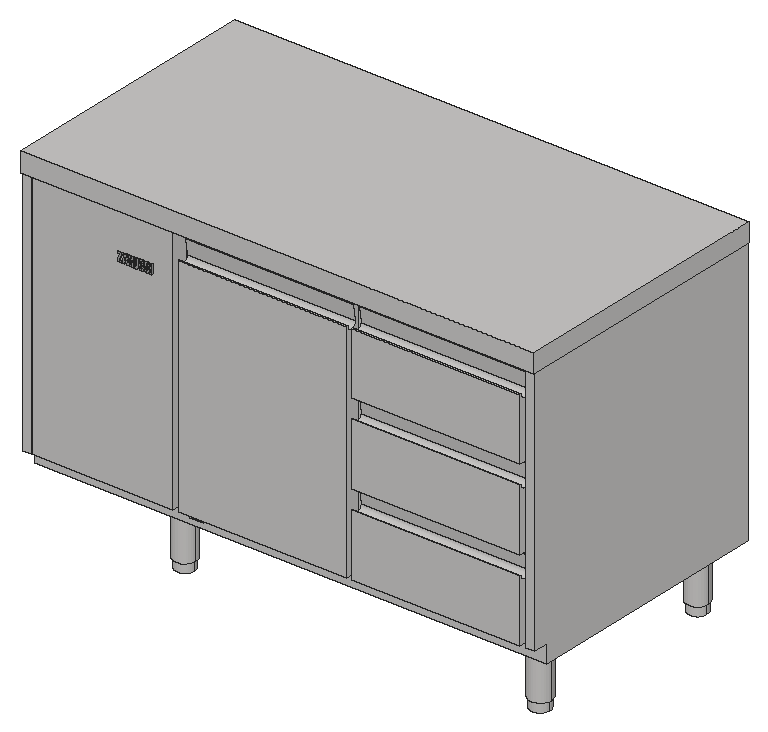
Revit family "QF_ZANUSSI_111027_ZH2HBAC", category Specialty Equipment, Revit 2018 (continued)
Definition of nested family "ZAN_Cooling Unit"
  Lines and regions (mm)
    Split face 123
      outline origin (55.016, 2, -221.122) x (0, 0, 1) y (-1, 0, 0)
        loop
          arc (510.649, 158.547) -> (506.648, 162.548) -> (502.647, 158.547) r 4.001
          line (502.647, 158.547) -> (502.647, 116.535)
          arc (502.647, 116.535) -> (506.648, 112.533) -> (510.649, 116.535) r 4.001
          line (510.649, 116.535) -> (510.649, 158.547)
    Split face 124
      outline origin (55.016, 2, -233.126) x (0, 0, 1) y (-1, 0, 0)
        loop
          arc (510.649, 158.547) -> (506.648, 162.548) -> (502.647, 158.547) r 4.001
          line (502.647, 158.547) -> (502.647, 116.535)
          arc (502.647, 116.535) -> (506.648, 112.533) -> (510.649, 116.535) r 4.001
          line (510.649, 116.535) -> (510.649, 158.547)
    Split face 125
      outline origin (55.016, 2, -245.129) x (0, 0, 1) y (-1, 0, 0)
        loop
          arc (510.649, 158.547) -> (506.648, 162.548) -> (502.647, 158.547) r 4.001
          line (502.647, 158.547) -> (502.647, 116.535)
          arc (502.647, 116.535) -> (506.648, 112.533) -> (510.649, 116.535) r 4.001
          line (510.649, 116.535) -> (510.649, 158.547)
    Split face 126
      outline origin (55.016, 2, -257.133) x (0, 0, 1) y (-1, 0, 0)
        loop
          arc (510.649, 158.547) -> (506.648, 162.548) -> (502.647, 158.547) r 4.001
          line (502.647, 158.547) -> (502.647, 116.535)
          arc (502.647, 116.535) -> (506.648, 112.533) -> (510.649, 116.535) r 4.001
          line (510.649, 116.535) -> (510.649, 158.547)
    Split face 127
      outline origin (55.016, 2, -269.136) x (0, 0, 1) y (-1, 0, 0)
        loop
          arc (510.649, 158.547) -> (506.648, 162.548) -> (502.647, 158.547) r 4.001
          line (502.647, 158.547) -> (502.647, 116.535)
          arc (502.647, 116.535) -> (506.648, 112.533) -> (510.649, 116.535) r 4.001
          line (510.649, 116.535) -> (510.649, 158.547)
    Split face 128
      outline origin (55.016, 2, -281.14) x (0, 0, 1) y (-1, 0, 0)
        loop
          arc (510.649, 158.547) -> (506.648, 162.548) -> (502.647, 158.547) r 4.001
          line (502.647, 158.547) -> (502.647, 116.535)
          arc (502.647, 116.535) -> (506.648, 112.533) -> (510.649, 116.535) r 4.001
          line (510.649, 116.535) -> (510.649, 158.547)
    Split face 129
      outline origin (55.016, 2, -293.144) x (0, 0, 1) y (-1, 0, 0)
        loop
          arc (510.649, 158.547) -> (506.648, 162.548) -> (502.647, 158.547) r 4.001
          line (502.647, 158.547) -> (502.647, 116.535)
          arc (502.647, 116.535) -> (506.648, 112.533) -> (510.649, 116.535) r 4.001
          line (510.649, 116.535) -> (510.649, 158.547)
    Split face 130
      outline origin (110.032, 2, -113.091) x (0, 0, 1) y (-1, 0, 0)
        loop
          arc (510.649, 158.547) -> (506.648, 162.548) -> (502.647, 158.547) r 4.001
          line (502.647, 158.547) -> (502.647, 116.535)
          arc (502.647, 116.535) -> (506.648, 112.533) -> (510.649, 116.535) r 4.001
          line (510.649, 116.535) -> (510.649, 158.547)
    Split face 131
      outline origin (110.032, 2, -125.094) x (0, 0, 1) y (-1, 0, 0)
        loop
          arc (510.649, 158.547) -> (506.648, 162.548) -> (502.647, 158.547) r 4.001
          line (502.647, 158.547) -> (502.647, 116.535)
          arc (502.647, 116.535) -> (506.648, 112.533) -> (510.649, 116.535) r 4.001
          line (510.649, 116.535) -> (510.649, 158.547)
    Split face 132
      outline origin (110.032, 2, -137.098) x (0, 0, 1) y (-1, 0, 0)
        loop
          arc (510.649, 158.547) -> (506.648, 162.548) -> (502.647, 158.547) r 4.001
          line (502.647, 158.547) -> (502.647, 116.535)
          arc (502.647, 116.535) -> (506.648, 112.533) -> (510.649, 116.535) r 4.001
          line (510.649, 116.535) -> (510.649, 158.547)
    Split face 133
      outline origin (110.032, 2, -149.101) x (0, 0, 1) y (-1, 0, 0)
        loop
          arc (510.649, 158.547) -> (506.648, 162.548) -> (502.647, 158.547) r 4.001
          line (502.647, 158.547) -> (502.647, 116.535)
          arc (502.647, 116.535) -> (506.648, 112.533) -> (510.649, 116.535) r 4.001
          line (510.649, 116.535) -> (510.649, 158.547)
    Split face 134
      outline origin (110.032, 2, -161.105) x (0, 0, 1) y (-1, 0, 0)
        loop
          arc (510.649, 158.547) -> (506.648, 162.548) -> (502.647, 158.547) r 4.001
          line (502.647, 158.547) -> (502.647, 116.535)
          arc (502.647, 116.535) -> (506.648, 112.533) -> (510.649, 116.535) r 4.001
          line (510.649, 116.535) -> (510.649, 158.547)
    Split face 135
      outline origin (110.032, 2, -173.108) x (0, 0, 1) y (-1, 0, 0)
        loop
          arc (510.649, 158.547) -> (506.648, 162.548) -> (502.647, 158.547) r 4.001
          line (502.647, 158.547) -> (502.647, 116.535)
          arc (502.647, 116.535) -> (506.648, 112.533) -> (510.649, 116.535) r 4.001
          line (510.649, 116.535) -> (510.649, 158.547)
    Split face 136
      outline origin (110.032, 2, -185.112) x (0, 0, 1) y (-1, 0, 0)
        loop
          arc (510.649, 158.547) -> (506.648, 162.548) -> (502.647, 158.547) r 4.001
          line (502.647, 158.547) -> (502.647, 116.535)
          arc (502.647, 116.535) -> (506.648, 112.533) -> (510.649, 116.535) r 4.001
          line (510.649, 116.535) -> (510.649, 158.547)
    Split face 137
      outline origin (110.032, 2, -197.115) x (0, 0, 1) y (-1, 0, 0)
        loop
          arc (510.649, 158.547) -> (506.648, 162.548) -> (502.647, 158.547) r 4.001
          line (502.647, 158.547) -> (502.647, 116.535)
          arc (502.647, 116.535) -> (506.648, 112.533) -> (510.649, 116.535) r 4.001
          line (510.649, 116.535) -> (510.649, 158.547)
    Split face 138
      outline origin (110.032, 2, -209.119) x (0, 0, 1) y (-1, 0, 0)
        loop
          arc (510.649, 158.547) -> (506.648, 162.548) -> (502.647, 158.547) r 4.001
          line (502.647, 158.547) -> (502.647, 116.535)
          arc (502.647, 116.535) -> (506.648, 112.533) -> (510.649, 116.535) r 4.001
          line (510.649, 116.535) -> (510.649, 158.547)
    Split face 139
      outline origin (110.032, 2, -221.122) x (0, 0, 1) y (-1, 0, 0)
        loop
          arc (510.649, 158.547) -> (506.648, 162.548) -> (502.647, 158.547) r 4.001
          line (502.647, 158.547) -> (502.647, 116.535)
          arc (502.647, 116.535) -> (506.648, 112.533) -> (510.649, 116.535) r 4.001
          line (510.649, 116.535) -> (510.649, 158.547)
    Split face 140
      outline origin (110.032, 2, -233.126) x (0, 0, 1) y (-1, 0, 0)
        loop
          arc (510.649, 158.547) -> (506.648, 162.548) -> (502.647, 158.547) r 4.001
          line (502.647, 158.547) -> (502.647, 116.535)
          arc (502.647, 116.535) -> (506.648, 112.533) -> (510.649, 116.535) r 4.001
          line (510.649, 116.535) -> (510.649, 158.547)
    Split face 141
      outline origin (110.032, 2, -245.129) x (0, 0, 1) y (-1, 0, 0)
        loop
          arc (510.649, 158.547) -> (506.648, 162.548) -> (502.647, 158.547) r 4.001
          line (502.647, 158.547) -> (502.647, 116.535)
          arc (502.647, 116.535) -> (506.648, 112.533) -> (510.649, 116.535) r 4.001
          line (510.649, 116.535) -> (510.649, 158.547)
    Split face 142
      outline origin (110.032, 2, -257.133) x (0, 0, 1) y (-1, 0, 0)
        loop
          arc (510.649, 158.547) -> (506.648, 162.548) -> (502.647, 158.547) r 4.001
          line (502.647, 158.547) -> (502.647, 116.535)
          arc (502.647, 116.535) -> (506.648, 112.533) -> (510.649, 116.535) r 4.001
          line (510.649, 116.535) -> (510.649, 158.547)
    Split face 143
      outline origin (110.032, 2, -269.136) x (0, 0, 1) y (-1, 0, 0)
        loop
          arc (510.649, 158.547) -> (506.648, 162.548) -> (502.647, 158.547) r 4.001
          line (502.647, 158.547) -> (502.647, 116.535)
          arc (502.647, 116.535) -> (506.648, 112.533) -> (510.649, 116.535) r 4.001
          line (510.649, 116.535) -> (510.649, 158.547)
    Split face 144
      outline origin (110.032, 2, -281.14) x (0, 0, 1) y (-1, 0, 0)
        loop
          arc (510.649, 158.547) -> (506.648, 162.548) -> (502.647, 158.547) r 4.001
          line (502.647, 158.547) -> (502.647, 116.535)
          arc (502.647, 116.535) -> (506.648, 112.533) -> (510.649, 116.535) r 4.001
          line (510.649, 116.535) -> (510.649, 158.547)
    Split face 145
      outline origin (110.032, 2, -293.144) x (0, 0, 1) y (-1, 0, 0)
        loop
          arc (510.649, 158.547) -> (506.648, 162.548) -> (502.647, 158.547) r 4.001
          line (502.647, 158.547) -> (502.647, 116.535)
          arc (502.647, 116.535) -> (506.648, 112.533) -> (510.649, 116.535) r 4.001
          line (510.649, 116.535) -> (510.649, 158.547)
    Split face 146
      outline origin (165.048, 2, -113.091) x (0, 0, 1) y (-1, 0, 0)
        loop
          arc (510.649, 158.547) -> (506.648, 162.548) -> (502.647, 158.547) r 4.001
          line (502.647, 158.547) -> (502.647, 116.535)
          arc (502.647, 116.535) -> (506.648, 112.533) -> (510.649, 116.535) r 4.001
          line (510.649, 116.535) -> (510.649, 158.547)
    Split face 147
      outline origin (165.048, 2, -125.094) x (0, 0, 1) y (-1, 0, 0)
        loop
          arc (510.649, 158.547) -> (506.648, 162.548) -> (502.647, 158.547) r 4.001
          line (502.647, 158.547) -> (502.647, 116.535)
          arc (502.647, 116.535) -> (506.648, 112.533) -> (510.649, 116.535) r 4.001
          line (510.649, 116.535) -> (510.649, 158.547)
    Split face 148
      outline origin (165.048, 2, -137.098) x (0, 0, 1) y (-1, 0, 0)
        loop
          arc (510.649, 158.547) -> (506.648, 162.548) -> (502.647, 158.547) r 4.001
          line (502.647, 158.547) -> (502.647, 116.535)
          arc (502.647, 116.535) -> (506.648, 112.533) -> (510.649, 116.535) r 4.001
          line (510.649, 116.535) -> (510.649, 158.547)
    Split face 149
      outline origin (165.048, 2, -149.101) x (0, 0, 1) y (-1, 0, 0)
        loop
          arc (510.649, 158.547) -> (506.648, 162.548) -> (502.647, 158.547) r 4.001
          line (502.647, 158.547) -> (502.647, 116.535)
          arc (502.647, 116.535) -> (506.648, 112.533) -> (510.649, 116.535) r 4.001
          line (510.649, 116.535) -> (510.649, 158.547)
    Split face 150
      outline origin (165.048, 2, -161.105) x (0, 0, 1) y (-1, 0, 0)
        loop
          arc (510.649, 158.547) -> (506.648, 162.548) -> (502.647, 158.547) r 4.001
          line (502.647, 158.547) -> (502.647, 116.535)
          arc (502.647, 116.535) -> (506.648, 112.533) -> (510.649, 116.535) r 4.001
          line (510.649, 116.535) -> (510.649, 158.547)
    Split face 151
      outline origin (165.048, 2, -173.108) x (0, 0, 1) y (-1, 0, 0)
        loop
          arc (510.649, 158.547) -> (506.648, 162.548) -> (502.647, 158.547) r 4.001
          line (502.647, 158.547) -> (502.647, 116.535)
          arc (502.647, 116.535) -> (506.648, 112.533) -> (510.649, 116.535) r 4.001
          line (510.649, 116.535) -> (510.649, 158.547)
    Split face 152
      outline origin (165.048, 2, -185.112) x (0, 0, 1) y (-1, 0, 0)
        loop
          arc (510.649, 158.547) -> (506.648, 162.548) -> (502.647, 158.547) r 4.001
          line (502.647, 158.547) -> (502.647, 116.535)
          arc (502.647, 116.535) -> (506.648, 112.533) -> (510.649, 116.535) r 4.001
          line (510.649, 116.535) -> (510.649, 158.547)
    Split face 153
      outline origin (165.048, 2, -197.115) x (0, 0, 1) y (-1, 0, 0)
        loop
          arc (510.649, 158.547) -> (506.648, 162.548) -> (502.647, 158.547) r 4.001
          line (502.647, 158.547) -> (502.647, 116.535)
          arc (502.647, 116.535) -> (506.648, 112.533) -> (510.649, 116.535) r 4.001
          line (510.649, 116.535) -> (510.649, 158.547)
    Split face 154
      outline origin (165.048, 2, -209.119) x (0, 0, 1) y (-1, 0, 0)
        loop
          arc (510.649, 158.547) -> (506.648, 162.548) -> (502.647, 158.547) r 4.001
          line (502.647, 158.547) -> (502.647, 116.535)
          arc (502.647, 116.535) -> (506.648, 112.533) -> (510.649, 116.535) r 4.001
          line (510.649, 116.535) -> (510.649, 158.547)
    Split face 155
      outline origin (165.048, 2, -221.122) x (0, 0, 1) y (-1, 0, 0)
        loop
          arc (510.649, 158.547) -> (506.648, 162.548) -> (502.647, 158.547) r 4.001
          line (502.647, 158.547) -> (502.647, 116.535)
          arc (502.647, 116.535) -> (506.648, 112.533) -> (510.649, 116.535) r 4.001
          line (510.649, 116.535) -> (510.649, 158.547)
    Split face 156
      outline origin (165.048, 2, -233.126) x (0, 0, 1) y (-1, 0, 0)
        loop
          arc (510.649, 158.547) -> (506.648, 162.548) -> (502.647, 158.547) r 4.001
          line (502.647, 158.547) -> (502.647, 116.535)
          arc (502.647, 116.535) -> (506.648, 112.533) -> (510.649, 116.535) r 4.001
          line (510.649, 116.535) -> (510.649, 158.547)
    Split face 157
      outline origin (165.048, 2, -245.129) x (0, 0, 1) y (-1, 0, 0)
        loop
          arc (510.649, 158.547) -> (506.648, 162.548) -> (502.647, 158.547) r 4.001
          line (502.647, 158.547) -> (502.647, 116.535)
          arc (502.647, 116.535) -> (506.648, 112.533) -> (510.649, 116.535) r 4.001
          line (510.649, 116.535) -> (510.649, 158.547)
    Split face 158
      outline origin (165.048, 2, -257.133) x (0, 0, 1) y (-1, 0, 0)
        loop
          arc (510.649, 158.547) -> (506.648, 162.548) -> (502.647, 158.547) r 4.001
          line (502.647, 158.547) -> (502.647, 116.535)
          arc (502.647, 116.535) -> (506.648, 112.533) -> (510.649, 116.535) r 4.001
          line (510.649, 116.535) -> (510.649, 158.547)
    Split face 159
      outline origin (165.048, 2, -269.136) x (0, 0, 1) y (-1, 0, 0)
        loop
          arc (510.649, 158.547) -> (506.648, 162.548) -> (502.647, 158.547) r 4.001
          line (502.647, 158.547) -> (502.647, 116.535)
          arc (502.647, 116.535) -> (506.648, 112.533) -> (510.649, 116.535) r 4.001
          line (510.649, 116.535) -> (510.649, 158.547)
    Split face 160
      outline origin (165.048, 2, -281.14) x (0, 0, 1) y (-1, 0, 0)
        loop
          arc (510.649, 158.547) -> (506.648, 162.548) -> (502.647, 158.547) r 4.001
          line (502.647, 158.547) -> (502.647, 116.535)
          arc (502.647, 116.535) -> (506.648, 112.533) -> (510.649, 116.535) r 4.001
          line (510.649, 116.535) -> (510.649, 158.547)
    Split face 161
      outline origin (165.048, 2, -293.144) x (0, 0, 1) y (-1, 0, 0)
        loop
          arc (510.649, 158.547) -> (506.648, 162.548) -> (502.647, 158.547) r 4.001
          line (502.647, 158.547) -> (502.647, 116.535)
          arc (502.647, 116.535) -> (506.648, 112.533) -> (510.649, 116.535) r 4.001
          line (510.649, 116.535) -> (510.649, 158.547)
    Split face 162
      outline origin (220.064, 2, -113.091) x (0, 0, 1) y (-1, 0, 0)
        loop
          arc (510.649, 158.547) -> (506.648, 162.548) -> (502.647, 158.547) r 4.001
          line (502.647, 158.547) -> (502.647, 116.535)
          arc (502.647, 116.535) -> (506.648, 112.533) -> (510.649, 116.535) r 4.001
          line (510.649, 116.535) -> (510.649, 158.547)
    Split face 163
      outline origin (220.064, 2, -125.094) x (0, 0, 1) y (-1, 0, 0)
        loop
          arc (510.649, 158.547) -> (506.648, 162.548) -> (502.647, 158.547) r 4.001
          line (502.647, 158.547) -> (502.647, 116.535)
          arc (502.647, 116.535) -> (506.648, 112.533) -> (510.649, 116.535) r 4.001
          line (510.649, 116.535) -> (510.649, 158.547)
    Split face 164
      outline origin (220.064, 2, -137.098) x (0, 0, 1) y (-1, 0, 0)
        loop
          arc (510.649, 158.547) -> (506.648, 162.548) -> (502.647, 158.547) r 4.001
          line (502.647, 158.547) -> (502.647, 116.535)
          arc (502.647, 116.535) -> (506.648, 112.533) -> (510.649, 116.535) r 4.001
          line (510.649, 116.535) -> (510.649, 158.547)
    Split face 165
      outline origin (220.064, 2, -149.101) x (0, 0, 1) y (-1, 0, 0)
        loop
          arc (510.649, 158.547) -> (506.648, 162.548) -> (502.647, 158.547) r 4.001
          line (502.647, 158.547) -> (502.647, 116.535)
          arc (502.647, 116.535) -> (506.648, 112.533) -> (510.649, 116.535) r 4.001
          line (510.649, 116.535) -> (510.649, 158.547)
    Split face 166
      outline origin (220.064, 2, -161.105) x (0, 0, 1) y (-1, 0, 0)
        loop
          arc (510.649, 158.547) -> (506.648, 162.548) -> (502.647, 158.547) r 4.001
          line (502.647, 158.547) -> (502.647, 116.535)
          arc (502.647, 116.535) -> (506.648, 112.533) -> (510.649, 116.535) r 4.001
          line (510.649, 116.535) -> (510.649, 158.547)
    Split face 167
      outline origin (220.064, 2, -173.108) x (0, 0, 1) y (-1, 0, 0)
        loop
          arc (510.649, 158.547) -> (506.648, 162.548) -> (502.647, 158.547) r 4.001
          line (502.647, 158.547) -> (502.647, 116.535)
          arc (502.647, 116.535) -> (506.648, 112.533) -> (510.649, 116.535) r 4.001
          line (510.649, 116.535) -> (510.649, 158.547)
    Split face 168
      outline origin (220.064, 2, -185.112) x (0, 0, 1) y (-1, 0, 0)
        loop
          arc (510.649, 158.547) -> (506.648, 162.548) -> (502.647, 158.547) r 4.001
          line (502.647, 158.547) -> (502.647, 116.535)
          arc (502.647, 116.535) -> (506.648, 112.533) -> (510.649, 116.535) r 4.001
          line (510.649, 116.535) -> (510.649, 158.547)
    Split face 169
      outline origin (220.064, 2, -197.115) x (0, 0, 1) y (-1, 0, 0)
        loop
          arc (510.649, 158.547) -> (506.648, 162.548) -> (502.647, 158.547) r 4.001
          line (502.647, 158.547) -> (502.647, 116.535)
          arc (502.647, 116.535) -> (506.648, 112.533) -> (510.649, 116.535) r 4.001
          line (510.649, 116.535) -> (510.649, 158.547)
    Split face 170
      outline origin (220.064, 2, -209.119) x (0, 0, 1) y (-1, 0, 0)
        loop
          arc (510.649, 158.547) -> (506.648, 162.548) -> (502.647, 158.547) r 4.001
          line (502.647, 158.547) -> (502.647, 116.535)
          arc (502.647, 116.535) -> (506.648, 112.533) -> (510.649, 116.535) r 4.001
          line (510.649, 116.535) -> (510.649, 158.547)
    Split face 171
      outline origin (220.064, 2, -221.122) x (0, 0, 1) y (-1, 0, 0)
        loop
          arc (510.649, 158.547) -> (506.648, 162.548) -> (502.647, 158.547) r 4.001
          line (502.647, 158.547) -> (502.647, 116.535)
          arc (502.647, 116.535) -> (506.648, 112.533) -> (510.649, 116.535) r 4.001
          line (510.649, 116.535) -> (510.649, 158.547)
    Split face 172
      outline origin (220.064, 2, -233.126) x (0, 0, 1) y (-1, 0, 0)
        loop
          arc (510.649, 158.547) -> (506.648, 162.548) -> (502.647, 158.547) r 4.001
          line (502.647, 158.547) -> (502.647, 116.535)
          arc (502.647, 116.535) -> (506.648, 112.533) -> (510.649, 116.535) r 4.001
          line (510.649, 116.535) -> (510.649, 158.547)
    Split face 173
      outline origin (220.064, 2, -245.129) x (0, 0, 1) y (-1, 0, 0)
        loop
          arc (510.649, 158.547) -> (506.648, 162.548) -> (502.647, 158.547) r 4.001
          line (502.647, 158.547) -> (502.647, 116.535)
          arc (502.647, 116.535) -> (506.648, 112.533) -> (510.649, 116.535) r 4.001
          line (510.649, 116.535) -> (510.649, 158.547)
    Split face 174
      outline origin (220.064, 2, -257.133) x (0, 0, 1) y (-1, 0, 0)
        loop
          arc (510.649, 158.547) -> (506.648, 162.548) -> (502.647, 158.547) r 4.001
          line (502.647, 158.547) -> (502.647, 116.535)
          arc (502.647, 116.535) -> (506.648, 112.533) -> (510.649, 116.535) r 4.001
          line (510.649, 116.535) -> (510.649, 158.547)
    Split face 175
      outline origin (220.064, 2, -269.136) x (0, 0, 1) y (-1, 0, 0)
        loop
          arc (510.649, 158.547) -> (506.648, 162.548) -> (502.647, 158.547) r 4.001
          line (502.647, 158.547) -> (502.647, 116.535)
          arc (502.647, 116.535) -> (506.648, 112.533) -> (510.649, 116.535) r 4.001
          line (510.649, 116.535) -> (510.649, 158.547)
    Split face 176
      outline origin (220.064, 2, -281.14) x (0, 0, 1) y (-1, 0, 0)
        loop
          arc (510.649, 158.547) -> (506.648, 162.548) -> (502.647, 158.547) r 4.001
          line (502.647, 158.547) -> (502.647, 116.535)
          arc (502.647, 116.535) -> (506.648, 112.533) -> (510.649, 116.535) r 4.001
          line (510.649, 116.535) -> (510.649, 158.547)
    Split face 177
      outline origin (220.064, 2, -293.144) x (0, 0, 1) y (-1, 0, 0)
        loop
          arc (510.649, 158.547) -> (506.648, 162.548) -> (502.647, 158.547) r 4.001
          line (502.647, 158.547) -> (502.647, 116.535)
          arc (502.647, 116.535) -> (506.648, 112.533) -> (510.649, 116.535) r 4.001
          line (510.649, 116.535) -> (510.649, 158.547)
    Split face 178
      outline origin (275.081, 2, -113.091) x (0, 0, 1) y (-1, 0, 0)
        loop
          arc (510.649, 158.547) -> (506.648, 162.548) -> (502.647, 158.547) r 4.001
          line (502.647, 158.547) -> (502.647, 116.535)
          arc (502.647, 116.535) -> (506.648, 112.533) -> (510.649, 116.535) r 4.001
          line (510.649, 116.535) -> (510.649, 158.547)
    Split face 179
      outline origin (275.081, 2, -125.094) x (0, 0, 1) y (-1, 0, 0)
        loop
          arc (510.649, 158.547) -> (506.648, 162.548) -> (502.647, 158.547) r 4.001
          line (502.647, 158.547) -> (502.647, 116.535)
          arc (502.647, 116.535) -> (506.648, 112.533) -> (510.649, 116.535) r 4.001
          line (510.649, 116.535) -> (510.649, 158.547)
    Split face 180
      outline origin (275.081, 2, -137.098) x (0, 0, 1) y (-1, 0, 0)
        loop
          arc (510.649, 158.547) -> (506.648, 162.548) -> (502.647, 158.547) r 4.001
          line (502.647, 158.547) -> (502.647, 116.535)
          arc (502.647, 116.535) -> (506.648, 112.533) -> (510.649, 116.535) r 4.001
          line (510.649, 116.535) -> (510.649, 158.547)
    Split face 181
      outline origin (275.081, 2, -149.101) x (0, 0, 1) y (-1, 0, 0)
        loop
          arc (510.649, 158.547) -> (506.648, 162.548) -> (502.647, 158.547) r 4.001
          line (502.647, 158.547) -> (502.647, 116.535)
          arc (502.647, 116.535) -> (506.648, 112.533) -> (510.649, 116.535) r 4.001
          line (510.649, 116.535) -> (510.649, 158.547)
    Split face 182
      outline origin (275.081, 2, -161.105) x (0, 0, 1) y (-1, 0, 0)
        loop
          arc (510.649, 158.547) -> (506.648, 162.548) -> (502.647, 158.547) r 4.001
          line (502.647, 158.547) -> (502.647, 116.535)
          arc (502.647, 116.535) -> (506.648, 112.533) -> (510.649, 116.535) r 4.001
          line (510.649, 116.535) -> (510.649, 158.547)
    Split face 183
      outline origin (275.081, 2, -173.108) x (0, 0, 1) y (-1, 0, 0)
        loop
          arc (510.649, 158.547) -> (506.648, 162.548) -> (502.647, 158.547) r 4.001
          line (502.647, 158.547) -> (502.647, 116.535)
          arc (502.647, 116.535) -> (506.648, 112.533) -> (510.649, 116.535) r 4.001
          line (510.649, 116.535) -> (510.649, 158.547)
    Split face 184
      outline origin (275.081, 2, -185.112) x (0, 0, 1) y (-1, 0, 0)
        loop
          arc (510.649, 158.547) -> (506.648, 162.548) -> (502.647, 158.547) r 4.001
          line (502.647, 158.547) -> (502.647, 116.535)
          arc (502.647, 116.535) -> (506.648, 112.533) -> (510.649, 116.535) r 4.001
          line (510.649, 116.535) -> (510.649, 158.547)
    Split face 185
      outline origin (275.081, 2, -197.115) x (0, 0, 1) y (-1, 0, 0)
        loop
          arc (510.649, 158.547) -> (506.648, 162.548) -> (502.647, 158.547) r 4.001
          line (502.647, 158.547) -> (502.647, 116.535)
          arc (502.647, 116.535) -> (506.648, 112.533) -> (510.649, 116.535) r 4.001
          line (510.649, 116.535) -> (510.649, 158.547)
    Split face 186
      outline origin (275.081, 2, -209.119) x (0, 0, 1) y (-1, 0, 0)
        loop
          arc (510.649, 158.547) -> (506.648, 162.548) -> (502.647, 158.547) r 4.001
          line (502.647, 158.547) -> (502.647, 116.535)
          arc (502.647, 116.535) -> (506.648, 112.533) -> (510.649, 116.535) r 4.001
          line (510.649, 116.535) -> (510.649, 158.547)
    Split face 187
      outline origin (275.081, 2, -221.122) x (0, 0, 1) y (-1, 0, 0)
        loop
          arc (510.649, 158.547) -> (506.648, 162.548) -> (502.647, 158.547) r 4.001
          line (502.647, 158.547) -> (502.647, 116.535)
          arc (502.647, 116.535) -> (506.648, 112.533) -> (510.649, 116.535) r 4.001
          line (510.649, 116.535) -> (510.649, 158.547)
    Split face 188
      outline origin (275.081, 2, -233.126) x (0, 0, 1) y (-1, 0, 0)
        loop
          arc (510.649, 158.547) -> (506.648, 162.548) -> (502.647, 158.547) r 4.001
          line (502.647, 158.547) -> (502.647, 116.535)
          arc (502.647, 116.535) -> (506.648, 112.533) -> (510.649, 116.535) r 4.001
          line (510.649, 116.535) -> (510.649, 158.547)
    Split face 189
      outline origin (275.081, 2, -245.129) x (0, 0, 1) y (-1, 0, 0)
        loop
          arc (510.649, 158.547) -> (506.648, 162.548) -> (502.647, 158.547) r 4.001
          line (502.647, 158.547) -> (502.647, 116.535)
          arc (502.647, 116.535) -> (506.648, 112.533) -> (510.649, 116.535) r 4.001
          line (510.649, 116.535) -> (510.649, 158.547)
    Split face 190
      outline origin (275.081, 2, -257.133) x (0, 0, 1) y (-1, 0, 0)
        loop
          arc (510.649, 158.547) -> (506.648, 162.548) -> (502.647, 158.547) r 4.001
          line (502.647, 158.547) -> (502.647, 116.535)
          arc (502.647, 116.535) -> (506.648, 112.533) -> (510.649, 116.535) r 4.001
          line (510.649, 116.535) -> (510.649, 158.547)
    Split face 191
      outline origin (275.081, 2, -269.136) x (0, 0, 1) y (-1, 0, 0)
        loop
          arc (510.649, 158.547) -> (506.648, 162.548) -> (502.647, 158.547) r 4.001
          line (502.647, 158.547) -> (502.647, 116.535)
          arc (502.647, 116.535) -> (506.648, 112.533) -> (510.649, 116.535) r 4.001
          line (510.649, 116.535) -> (510.649, 158.547)
    Split face 192
      outline origin (275.081, 2, -281.14) x (0, 0, 1) y (-1, 0, 0)
        loop
          arc (510.649, 158.547) -> (506.648, 162.548) -> (502.647, 158.547) r 4.001
          line (502.647, 158.547) -> (502.647, 116.535)
          arc (502.647, 116.535) -> (506.648, 112.533) -> (510.649, 116.535) r 4.001
          line (510.649, 116.535) -> (510.649, 158.547)
    Split face 193
      outline origin (275.081, 2, -293.144) x (0, 0, 1) y (-1, 0, 0)
        loop
          arc (510.649, 158.547) -> (506.648, 162.548) -> (502.647, 158.547) r 4.001
          line (502.647, 158.547) -> (502.647, 116.535)
          arc (502.647, 116.535) -> (506.648, 112.533) -> (510.649, 116.535) r 4.001
          line (510.649, 116.535) -> (510.649, 158.547)
    Split face 194
      outline origin (0, 2, 197) x (0, 0, 1) y (-1, 0, 0)
        loop
          spline (566.835, 20.381) -> (564.628, 19.058) -> (561.987, 18.027) -> (558.955, 17.386) -> (555.581, 17.244) -> (551.912, 17.703) -> (547.993, 18.863) -> (543.871, 20.83) -> (539.591, 23.706) -> (535.202, 27.594) -> (530.748, 32.597) -> (526.28, 38.824) -> (521.835, 46.362)
        loop
          spline (521.835, 58.392) -> (525.386, 49.242) -> (529.197, 41.481) -> (533.2, 35.023) -> (537.329, 29.786) -> (541.516, 25.684) -> (545.695, 22.634) -> (549.798, 20.552) -> (553.759, 19.355) -> (557.511, 18.958) -> (560.984, 19.275) -> (564.115, 20.227) -> (566.835, 21.726)
    Split face 195
      outline origin (0, 2, 197) x (0, 0, 1) y (-1, 0, 0)
        loop
          line (555.835, 149.5) -> (532.835, 149.5) -> (532.835, 94.5) -> (555.835, 94.5) -> (555.835, 149.5)
  Dimensions and locks
    aligned and locked: level to plane 2
  Nested families
    nested 1: "ZAN_Logo_S_Grey" at (85, 2, 741.213) x (1, 0, 0) z (0, -1, 0), visible <- "Show Logo", type "ZAN_Logo_S_Grey"
  Definition of nested family "ZAN_Logo_S_Grey"
    Parameters
      Default Elevation = 0 mm
    Reference planes
      plane 1 "Centro (Fronte/Retro)": y = 0
      plane 2: z = 0
      plane 3 "Centro (Sinistra/Destra)": x = 0
    Forms (mm)
      Extrusion 1, solid
        sketch origin (0, 0, 0) x (1, 0, 0) y (0, 1, 0)
          loop
            line (-1219.2, 1219.2) -> (-1219.2, -1219.2) -> (1219.2, -1219.2) -> (1219.2, 1219.2) -> (-1219.2, 1219.2)
        from 0 to -304.8
      Extrusion 2, solid
        sketch origin (17.793, -46.218, 0) x (-1, 0, 0) y (0, -1, 0)
          loop
            spline (-4.176, -58.079) -> (-3.496, -58.328) -> (-2.793, -58.512) -> (-2.075, -58.63) -> (-1.348, -58.682) -> (-0.619, -58.669) -> (0.106, -58.588) -> (0.818, -58.44) -> (1.512, -58.225) -> (2.18, -57.941) -> (2.817, -57.589) -> (3.414, -57.167) -> (3.966, -56.676)
            spline (3.966, -56.676) -> (4.293, -56.162) -> (4.575, -55.61) -> (4.81, -55.026) -> (5, -54.419) -> (5.146, -53.797) -> (5.247, -53.166) -> (5.304, -52.536) -> (5.318, -51.913) -> (5.288, -51.306) -> (5.217, -50.723) -> (5.103, -50.17) -> (4.949, -49.657)
            line (4.949, -49.657) -> (2.702, -46.428) -> (0.316, -44.323)
            spline (0.316, -44.323) -> (0.065, -44.115) -> (-0.195, -43.909) -> (-0.46, -43.704) -> (-0.729, -43.496) -> (-0.997, -43.282) -> (-1.263, -43.059) -> (-1.523, -42.825) -> (-1.774, -42.576) -> (-2.013, -42.309) -> (-2.238, -42.022) -> (-2.445, -41.712) -> (-2.632, -41.375)
            spline (-2.632, -41.375) -> (-2.666, -41.159) -> (-2.697, -40.934) -> (-2.722, -40.701) -> (-2.736, -40.465) -> (-2.736, -40.227) -> (-2.72, -39.989) -> (-2.682, -39.754) -> (-2.621, -39.524) -> (-2.533, -39.302) -> (-2.414, -39.091) -> (-2.261, -38.892) -> (-2.07, -38.708)
            line (-2.07, -38.708) -> (-0.245, -38.567)
            spline (-0.245, -38.567) -> (0.096, -38.8) -> (0.354, -39.074) -> (0.54, -39.381) -> (0.664, -39.716) -> (0.738, -40.073) -> (0.772, -40.445) -> (0.777, -40.825) -> (0.763, -41.208) -> (0.742, -41.588) -> (0.723, -41.957) -> (0.718, -42.309) -> (0.737, -42.638)
            line (0.737, -42.638) -> (5.65, -42.638)
            spline (5.65, -42.638) -> (5.708, -42.042) -> (5.741, -41.448) -> (5.747, -40.857) -> (5.723, -40.273) -> (5.668, -39.696) -> (5.58, -39.129) -> (5.457, -38.574) -> (5.297, -38.032) -> (5.098, -37.506) -> (4.857, -36.997) -> (4.574, -36.508) -> (4.247, -36.041)
            spline (4.247, -36.041) -> (3.844, -35.675) -> (3.409, -35.35) -> (2.946, -35.065) -> (2.458, -34.819) -> (1.949, -34.612) -> (1.421, -34.444) -> (0.88, -34.314) -> (0.326, -34.221) -> (-0.234, -34.165) -> (-0.8, -34.146) -> (-1.366, -34.163) -> (-1.93, -34.216)
            spline (-1.93, -34.216) -> (-2.526, -34.309) -> (-3.116, -34.448) -> (-3.695, -34.633) -> (-4.259, -34.861) -> (-4.801, -35.131) -> (-5.316, -35.444) -> (-5.799, -35.798) -> (-6.245, -36.191) -> (-6.648, -36.624) -> (-7.002, -37.095) -> (-7.303, -37.603) -> (-7.545, -38.146)
            spline (-7.545, -38.146) -> (-7.694, -38.815) -> (-7.792, -39.487) -> (-7.839, -40.158) -> (-7.836, -40.824) -> (-7.785, -41.482) -> (-7.685, -42.129) -> (-7.539, -42.762) -> (-7.347, -43.377) -> (-7.111, -43.97) -> (-6.83, -44.538) -> (-6.506, -45.078) -> (-6.141, -45.586)
            line (-6.141, -45.586) -> (-0.526, -50.64) -> (0.176, -51.482)
            spline (0.176, -51.482) -> (0.248, -51.66) -> (0.323, -51.843) -> (0.397, -52.03) -> (0.467, -52.22) -> (0.529, -52.412) -> (0.579, -52.605) -> (0.615, -52.798) -> (0.633, -52.989) -> (0.63, -53.179) -> (0.601, -53.366) -> (0.545, -53.55) -> (0.456, -53.728)
            spline (0.456, -53.728) -> (0.375, -53.892) -> (0.273, -54.034) -> (0.154, -54.155) -> (0.02, -54.258) -> (-0.126, -54.343) -> (-0.28, -54.412) -> (-0.441, -54.466) -> (-0.604, -54.508) -> (-0.767, -54.537) -> (-0.928, -54.556) -> (-1.082, -54.567) -> (-1.228, -54.57)
            line (-1.228, -54.57) -> (-2.632, -53.587) -> (-2.772, -50.64) -> (-7.405, -50.64)
            spline (-7.405, -50.64) -> (-7.41, -51.031) -> (-7.423, -51.432) -> (-7.44, -51.839) -> (-7.456, -52.251) -> (-7.469, -52.665) -> (-7.475, -53.079) -> (-7.468, -53.489) -> (-7.446, -53.894) -> (-7.404, -54.291) -> (-7.339, -54.679) -> (-7.247, -55.053) -> (-7.123, -55.412)
            spline (-7.123, -55.412) -> (-6.999, -55.693) -> (-6.837, -55.97) -> (-6.643, -56.244) -> (-6.422, -56.509) -> (-6.177, -56.765) -> (-5.913, -57.009) -> (-5.634, -57.238) -> (-5.346, -57.45) -> (-5.051, -57.643) -> (-4.755, -57.814) -> (-4.462, -57.96) -> (-4.176, -58.079)
          loop
            spline (-21.021, -55.552) -> (-20.633, -56.181) -> (-20.177, -56.736) -> (-19.661, -57.217) -> (-19.092, -57.627) -> (-18.478, -57.966) -> (-17.827, -58.237) -> (-17.147, -58.441) -> (-16.446, -58.578) -> (-15.73, -58.652) -> (-15.009, -58.662) -> (-14.29, -58.611) -> (-13.581, -58.5)
            spline (-13.581, -58.5) -> (-13.088, -58.407) -> (-12.595, -58.269) -> (-12.109, -58.088) -> (-11.636, -57.866) -> (-11.183, -57.605) -> (-10.756, -57.307) -> (-10.361, -56.974) -> (-10.004, -56.608) -> (-9.692, -56.211) -> (-9.431, -55.784) -> (-9.228, -55.33) -> (-9.089, -54.851)
            spline (-9.089, -54.851) -> (-8.873, -54.211) -> (-8.715, -53.559) -> (-8.615, -52.901) -> (-8.574, -52.241) -> (-8.592, -51.585) -> (-8.668, -50.938) -> (-8.802, -50.306) -> (-8.995, -49.693) -> (-9.247, -49.106) -> (-9.557, -48.55) -> (-9.925, -48.03) -> (-10.352, -47.551)
            line (-10.352, -47.551) -> (-15.546, -42.919) -> (-16.669, -41.234)
            spline (-16.669, -41.234) -> (-16.704, -41.021) -> (-16.735, -40.804) -> (-16.761, -40.583) -> (-16.778, -40.361) -> (-16.784, -40.139) -> (-16.774, -39.919) -> (-16.748, -39.701) -> (-16.7, -39.488) -> (-16.63, -39.28) -> (-16.533, -39.08) -> (-16.406, -38.889) -> (-16.248, -38.708)
            line (-16.248, -38.708) -> (-14.844, -38.427)
            spline (-14.844, -38.427) -> (-14.347, -38.545) -> (-13.969, -38.749) -> (-13.695, -39.028) -> (-13.508, -39.368) -> (-13.393, -39.757) -> (-13.335, -40.182) -> (-13.318, -40.63) -> (-13.326, -41.089) -> (-13.344, -41.546) -> (-13.356, -41.988) -> (-13.347, -42.403) -> (-13.3, -42.779)
            line (-13.3, -42.779) -> (-8.387, -42.638)
            spline (-8.387, -42.638) -> (-8.326, -42.034) -> (-8.288, -41.417) -> (-8.277, -40.794) -> (-8.299, -40.169) -> (-8.357, -39.548) -> (-8.457, -38.936) -> (-8.604, -38.339) -> (-8.803, -37.762) -> (-9.058, -37.21) -> (-9.375, -36.689) -> (-9.758, -36.204) -> (-10.212, -35.76)
            spline (-10.212, -35.76) -> (-10.793, -35.336) -> (-11.409, -34.976) -> (-12.054, -34.679) -> (-12.723, -34.445) -> (-13.409, -34.273) -> (-14.107, -34.163) -> (-14.811, -34.115) -> (-15.515, -34.127) -> (-16.213, -34.2) -> (-16.899, -34.333) -> (-17.568, -34.526) -> (-18.213, -34.777)
            spline (-18.213, -34.777) -> (-18.496, -34.897) -> (-18.783, -35.044) -> (-19.071, -35.216) -> (-19.357, -35.412) -> (-19.639, -35.629) -> (-19.915, -35.865) -> (-20.182, -36.119) -> (-20.438, -36.389) -> (-20.681, -36.672) -> (-20.907, -36.967) -> (-21.115, -37.272) -> (-21.301, -37.585)
            spline (-21.301, -37.585) -> (-21.55, -38.26) -> (-21.734, -38.948) -> (-21.854, -39.647) -> (-21.91, -40.351) -> (-21.901, -41.057) -> (-21.828, -41.761) -> (-21.69, -42.459) -> (-21.489, -43.148) -> (-21.222, -43.823) -> (-20.892, -44.48) -> (-20.497, -45.116) -> (-20.038, -45.726)
            line (-20.038, -45.726) -> (-14.142, -51.061) -> (-13.44, -52.886) -> (-14.002, -54.289) -> (-15.265, -54.57) -> (-16.669, -53.587) -> (-16.81, -50.78) -> (-21.582, -50.64)
            spline (-21.582, -50.64) -> (-21.558, -51.063) -> (-21.55, -51.491) -> (-21.554, -51.92) -> (-21.561, -52.35) -> (-21.567, -52.778) -> (-21.565, -53.201) -> (-21.547, -53.619) -> (-21.509, -54.029) -> (-21.444, -54.43) -> (-21.345, -54.818) -> (-21.206, -55.193) -> (-21.021, -55.552)
          loop
            line (-22.424, -34.216) -> (-27.337, -34.216) -> (-27.337, -58.22) -> (-22.424, -58.22) -> (-22.424, -34.216)
          loop
            line (14.213, -39.971) -> (14.213, -58.22) -> (19.126, -58.22) -> (19.126, -42.077) -> (18.845, -38.146) -> (18.424, -37.164) -> (17.442, -35.9) -> (16.459, -35.199) -> (14.494, -34.356) -> (13.511, -34.216) -> (11.265, -34.216) -> (10.142, -34.497) -> (8.458, -35.479) -> (6.493, -38.287) -> (6.352, -39.269) -> (6.352, -58.22) -> (11.265, -58.22) -> (11.265, -40.392) -> (11.827, -39.129) -> (13.371, -38.988) -> (14.213, -39.971)
          loop
            line (20.249, -58.22) -> (24.741, -58.22) -> (24.741, -42.919) -> (28.812, -58.22) -> (34.006, -58.22) -> (34.006, -34.216) -> (29.654, -34.216) -> (29.654, -50.078) -> (25.583, -34.216) -> (20.249, -34.216) -> (20.249, -58.22)
          loop
            line (50.149, -58.22) -> (62.361, -58.22) -> (62.361, -53.728) -> (55.904, -53.868) -> (62.923, -39.129) -> (62.923, -34.216) -> (50.149, -34.216) -> (50.149, -39.129) -> (57.517, -39.129) -> (50.149, -54.149) -> (50.149, -58.22)
          loop
            line (38.778, -58.22) -> (45.516, -58.22) -> (49.868, -34.216) -> (44.814, -34.216) -> (44.113, -38.848) -> (40.042, -38.848) -> (39.34, -34.216) -> (34.286, -34.216) -> (38.778, -58.22)
          loop
            line (43.551, -43.2) -> (40.744, -43.2) -> (42.147, -54.117) -> (43.551, -43.2)
        from 0 to 1.644
    Dimensions and locks
      aligned and locked: plane 2 to Extrusion 1
      aligned and locked: level to Extrusion 1
Definition of nested family "Refrigerator"
  Reference planes
    plane 1 "Center (Front/Back)": y = 0
    plane 2: z = 0
    plane 3 "Center (Left/Right)": x = 0
  Lines and regions (mm)
    detail lines, in view "Ref. Level"
      curve 1: spline (-500, 190, 0) -> (-493.185, 166.706, 0) -> (-473.205, 145, 0) -> (-441.421, 126.36, 0) -> (-400, 112.058, 0) -> (-351.764, 103.067, 0) -> (-300, 100, 0) -> (-248.236, 103.067, 0) -> (-200, 112.058, 0) -> (-158.579, 126.36, 0) -> (-126.795, 145, 0) -> (-106.815, 166.706, 0) -> (-100, 190, 0) -> (-106.815, 213.294, 0) -> (-126.795, 235, 0) -> (-158.579, 253.64, 0) -> (-200, 267.942, 0) -> (-248.236, 276.933, 0) -> (-300, 280, 0) -> (-351.764, 276.933, 0) -> (-400, 267.942, 0) -> (-441.421, 253.64, 0) -> (-473.205, 235, 0) -> (-493.185, 213.294, 0) -> (-500, 190, 0)
      curve 2: line (-300, 130, 0) -> (-300, 250, 0)
      curve 3: line (-351.962, 220, 0) -> (-248.038, 160, 0)
      curve 4: line (-351.962, 160, 0) -> (-248.038, 220, 0)
      curve 5: line (-280.884, 246.873, 0) -> (-300, 225, 0)
      curve 6: line (-300, 225, 0) -> (-319.116, 246.873, 0)
      curve 7: line (-330.311, 207.5, 0) -> (-339.696, 234.992, 0)
      curve 8: line (-358.812, 201.882, 0) -> (-330.311, 207.5, 0)
      curve 9: line (-330.311, 172.5, 0) -> (-358.812, 178.118, 0)
      curve 10: line (-339.696, 145.008, 0) -> (-330.311, 172.5, 0)
      curve 11: line (-300, 155, 0) -> (-319.116, 133.127, 0)
      curve 12: line (-280.884, 133.127, 0) -> (-300, 155, 0)
      curve 13: line (-269.689, 172.5, 0) -> (-260.304, 145.008, 0)
      curve 14: line (-241.188, 178.118, 0) -> (-269.689, 172.5, 0)
      curve 15: line (-269.689, 207.5, 0) -> (-241.188, 201.882, 0)
      curve 16: line (-260.304, 234.992, 0) -> (-269.689, 207.5, 0)
